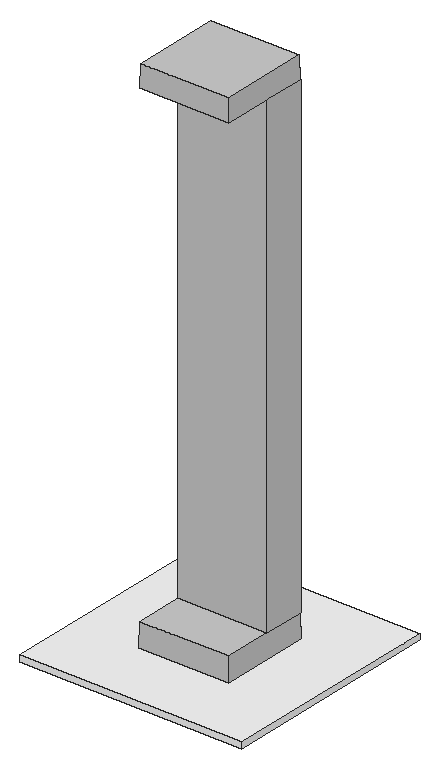
Revit family "BE_84238_de_DE", category Leuchten, Revit 2020
Family settings
  Basisbauteil = Fläche
  Bemaßung runder Anschluss = Durchmesser verwenden
  Teiletyp = Normal
  Beim Laden mit Abzugskörper schneiden = Ja
  Lichtquelle = Ja
  Gemeinsam genutzt = Nein
  Raumberechnungspunkt = Ja
Parameters (values of type "BEGA_84238_Silber_K4")
  built-in parameter 1150104 = 13.332 (stored number, unit not read)
  Wattage = 11.5 W
  Default Elevation = 0 mm
  built-in parameter 1150113 = 1 (stored number, unit not read)
  built-in parameter 1114218 = 1 (stored number, unit not read)
  Umgebungstemperatur = "25 °C"
  URL = "https://www.bega.com/de/produkt/84238"
  Typenkommentare = "© 2022 BEGA. Wir behalten uns das Recht vor, technische Änderungen ohne vorherige Ankündigung vorzunehmen."  # constant formula
  Type Image = 84238.png
  built-in parameter 1150134 = 12
  built-in parameter 1150109 = 1 (stored number, unit not read)
  Strom = ""
  built-in parameter 1150110 = 1 (stored number, unit not read)
  Spannung = 239.996 V
  Sonderanfertigung = no
  Seriennummer [instance] = "Hier können Sie die eindeutige Seriennummer für das Facility Management eintragen."
  Schutzklasse = "I"
  Schutzart = "IP 65"
  Scheinlast = 0 VA
  Produktdatenblatt = "https://cdn.bega.com/bega/products/84238AK3/current/documents/data-sheets/de"
  Oberflächentemperatur = ""
  Neigungswinkel = 0.00°
  Modell = "84238AK4"
  Material_17 = BEGA_Reflektor
  Material_15 = BEGA_Leuchtmedium_matt
  Material_11 = BEGA_Glas_opal
  Material_09 = BEGA_Glas_klar
  Material_06 = BEGA_Oberfläche_Edelstahl_gebürstet
  Material_03 = BEGA_Oberfläche_Weiss_matt
  Material_02 = BEGA_Oberfläche_Silber_matt
  Material_01 [instance] = BEGA_Oberfläche_Grafit_matt
  M_W = no
  M_G = no
  M_A = yes
  Logo = 0
  built-in parameter 1114217 = 1 (stored number, unit not read)
  built-in parameter 1150139 = (empty or 0)
  built-in parameter 1150105 = 131.32 (stored number, unit not read)
  built-in parameter 1150114 = 1 (stored number, unit not read)
  Lumens = 1650.25 lm
  built-in parameter 1150115 = 1 (stored number, unit not read)
  Leuchtenlichtstrom = "1650 lm"
  Leuchtenanzahl = ""
  Lebensdauerkriterien = "L70B50 @ 25 °C = 200000 h"
  Lastklassifizierung = Beleuchtung
  built-in parameter 1150112 = 1 (stored number, unit not read)
  Lampenlichtstrom = "2335 lm"
  Lampe = "LED 11.5 W"
  LED_Modulbezeichnung = "LED-0983/840"
  built-in parameter 1150142 = (empty or 0)
  Hersteller = "BEGA"  # constant formula
  Halbstreuwinkel = ""
  Gewicht = "5.85 kg"
  Gebrauchslageneinschränkung [instance] = ""
  Frequenz = "0/50-60 Hz"
  Farbwiedergabeindex = "CRI > 80"
  Farbtemperaturverschiebung bei Dämpfen der Lampe = <Keine Auswahl>
  Farbtemperatur = "4000 K"
  Color Filter = 16777215
  built-in parameter 1150133 = 10 (stored number, unit not read)
  Energieeffizienzklasse = "LED A++ - A"
  built-in parameter 1150137 = (empty or 0)
  built-in parameter 1150132 = (empty or 0)
  ENEC = "ja"
  Dimmbar [instance] = "DALI"
  Datei für fotometrisches Netz = "BE_84238K4.IES"
  CE_Konformität = "ja"
  Bestellnummer = "84238AK4"
  Beschreibung_Sonderanfertigung = "Hier können Sie Informationen zur Sonderanfertigung eintragen."
  Beschreibung = "Pollerleuchte"
  built-in parameter 1150106 = 1.3132 (stored number, unit not read)
  Befestigungsbohrung = ""
  Befestigungsabstand = ""
  Ballwurfsicher = ""
  BEGA_Intern_aus = yes
  BEGA_Intern_an = yes
  BEGA_Intern_Konstruktion = yes
  BEGA_Intern = yes
  BEGA_IES = yes
  BEGA_Dummy = no
  Anschlussleitung = ""
  Anschlussleistung [instance] = "13.8 W"
  Anschlusskasten = ""
  built-in parameter 1150107 = 4000 (stored number, unit not read)
  built-in parameter 1150102 = (empty or 0)
  built-in parameter 1150138 = (empty or 0)
  Aktualisierung = "2022-05-19T04:00:07"
  Abstand_zur_angestrahlten_Fläche [instance] = ""
  AC/DC = "AC/DC"
Types (4, lengths in mm): name | built-in parameter 1150104 | built-in parameter 1150134 | Modell | M_G | M_A | built-in parameter 1150105 | Lumens | Leuchtenlichtstrom | Lampenlichtstrom | LED_Modulbezeichnung | Farbtemperatur | Datei für fotometrisches Netz | Bestellnummer | built-in parameter 1150106 | built-in parameter 1150107
  BEGA_84238_Grafit_K4 | 13.332 (stored number, unit not read) | 12 | "84238K4" | yes | no | 131.32 (stored number, unit not read) | 1650.25 lm | "1650 lm" | "2335 lm" | "LED-0983/840" | "4000 K" | "BE_84238K4.IES" | "84238K4" | 1.3132 (stored number, unit not read) | 4000 (stored number, unit not read)
  BEGA_84238_Grafit_K3 | 12.96 (stored number, unit not read) | (empty or 0) | "84238K3" | yes | no | 127.66 (stored number, unit not read) | 1604.25 lm | "1604 lm" | "2270 lm" | "LED-0983/830" | "3000 K" | "BE_84238K3.IES" | "84238K3" | 1.2766 (stored number, unit not read) | 3000 (stored number, unit not read)
  BEGA_84238_Silber_K4 | 13.332 (stored number, unit not read) | 12 | "84238AK4" | no | yes | 131.32 (stored number, unit not read) | 1650.25 lm | "1650 lm" | "2335 lm" | "LED-0983/840" | "4000 K" | "BE_84238K4.IES" | "84238AK4" | 1.3132 (stored number, unit not read) | 4000 (stored number, unit not read)
  BEGA_84238_Silber_K3 | 12.96 (stored number, unit not read) | (empty or 0) | "84238AK3" | no | yes | 127.66 (stored number, unit not read) | 1604.25 lm | "1604 lm" | "2270 lm" | "LED-0983/830" | "3000 K" | "BE_84238K3.IES" | "84238AK3" | 1.2766 (stored number, unit not read) | 3000 (stored number, unit not read)
Reference planes
  plane 1 "Mitte (Vorne/Hinten)": y = 0
  plane 2: z = 0
  plane 3 "Mitte (Links/Rechts)": x = 0
  plane 4 "Links": x = -80.733
  plane 5 "Rechts": x = 80.733
  plane 6 "Unten": y = -80.733
  plane 7 "Oben": y = 80.733
  plane 8 "Vorne": z = 945
  plane 9 "Hinten": z = 0
Forms (mm)
  Extrusion 1, solid, material "BEGA_Platte_Weiss"
    sketch origin (0, -1119.2, 0) x (1, 0, 0) y (0, 1, 0)
      loop
        line (-200, 1319.2) -> (-200, 919.2) -> (200, 919.2) -> (200, 1319.2) -> (-200, 1319.2)
    from 0 to -10
  Extrusion 2, solid, material "BEGA_Dummy_matt", visible <- "BEGA_Dummy"
    sketch origin (80.095, -76.023, 0) x (1, 0, 0) y (0, 1, 0)
      loop
        line (-160.828, 156.756) -> (-160.828, -4.799) -> (0.638, -4.799) -> (0.638, 156.756) -> (-160.828, 156.756)
    from 0 to 945
Dimensions and locks
  plane 1 "Mitte (Vorne/Hinten)" to Extrusion 1 = 200 mm
  aligned and locked: plane 2 to Extrusion 1
  aligned and locked: level to Extrusion 1
Nested families
  nested 1: "BE_84238" at (0, 0, 0) x (0, 1, 0) z (0, 0, 1), type "BE_84238"
Connectors
  electrical at (0, 0, 0), driven by "Lastklassifizierung", driven by "Spannung", driven by "Scheinlast"
    settings: index 1, voltage 239.996 V, apparent load 0 VA, apparent load phase1 0 VA, apparent load phase2 0 VA, apparent load phase3 0 VA, power factor 1, load classification "Beleuchtung", number of poles 1, system type 31, power factor state 1, is connector primary yes, connector utility no, sub classification motor no, connector description ""
Definition of nested family "BE_84238"
  Parameters (values of type "BE_84238")
    Default Elevation = 1 mm
    URL = "http://www.bega.de/de/produkt"
    Type Comments = "© 2015 BEGA. Wir behalten uns das Recht vor, technische Änderungen ohne vorherige Ankündigung vorzunehmen. "  # constant formula
    Type Image = (empty or 0)
    Neigungswinkel_um_Z2 = 0.00°
    Neigungswinkel_um_Z1 = 0.00°
    Neigungswinkel_um_Y2 = 0.00°
    Neigungswinkel_um_Y1 = 0.00°
    Neigungswinkel_um_X2 = 0.00°
    Neigungswinkel_um_X1 = 0.00°
    Material_17 = none
    Material_15 = none
    Material_11 = none
    Material_09 = none
    Material_06 = none
    Material_02 = none
    Material_01 = none
    M_W = yes
    M_G = yes
    M_A = yes
    Länge_Platte = 200 mm  # constant formula
    Höhe_Platte = -10 mm  # constant formula
    Manufacturer = "BEGA"  # constant formula
    Drehwinkel_um_Z2 = 0.00°
    Drehwinkel_um_Z1 = 0.00°
    Breite_Platte = 200 mm  # constant formula
  Reference planes
    plane 1 "Mitte (Oben/Unten)": y = 0
    plane 2: z = 0
    plane 3 "Mitte (Links/Rechts)": x = 0
    plane 4: y = 80.733
    plane 5: x = -80.733
    plane 6: x = 80.733
    plane 7: y = -80.733
    plane 8: z = 945
    plane 9: z = 2
  Forms (mm)
    Extrusion 1, solid, detail levels medium
      sketch origin (0, 0, 0) x (1, 0, 0) y (0, 1, 0)
        loop
          line (-100, 100) -> (-100, -100) -> (100, -100) -> (100, 100) -> (-100, 100)
      from 0 to -10 <- "Höhe_Platte"
    Sweep 2, solid, material <- "Material_01", visible <- "M_G"
      path origin (0, 0, 0) x (1, 0, 0) y (0, 1, 0)
        loop
          line (-80.733, 80.733) -> (-80.733, -80.733) -> (80.733, -80.733) -> (80.733, 80.733) -> (-80.733, 80.733)
      profile origin (0, 80.733, 0) x (0, 1, 0) y (0, 0, 1)
        loop
          line (0, 2) -> (-0.733, 44) -> (-39.189, 44) -> (-39.189, 40.5) -> (-9.961, 40.5) -> (-9.346, 5.213) -> (-3.251, 5.001) -> (-3.146, 2) -> (0, 2)
    Extrusion 3, solid, material <- "Material_01", visible <- "M_G"
      sketch origin (0, 0, 0) x (1, 0, 0) y (0, 1, 0)
        loop
          line (-41.544, 41.544) -> (-41.544, -41.544) -> (41.544, -41.544) -> (41.544, 41.544) -> (-41.544, 41.544)
      from 40.5 to 44
    Sweep 4, solid, material <- "Material_01", visible <- "M_G"
      path origin (0, 0, 0) x (1, 0, 0) y (0, 1, 0)
        loop
          line (-80, 80) -> (-80, -80) -> (80, -80) -> (80, 80) -> (-80, 80)
      profile origin (0, 80, 0) x (0, 1, 0) y (0, 0, 1)
        loop
          line (-4, 5.052) -> (-19.75, 5.602) -> (-19.75, 38.25) -> (-23.714, 38.25) -> (-25.417, 5.75) -> (-58.404, 5.75) -> (-58.605, 0) -> (-4, 0) -> (-4, 5.052)
    Extrusion 5, void
      sketch origin (0, 0, 0) x (1, 0, 0) y (0, 1, 0)
        loop
          circle (0, 50) r 4.5
        loop
          circle (43.208, -25.162) r 4.5
        loop
          circle (-43.208, -25.162) r 4.5
      from 0 to 18.016
    Extrusion 6, solid, material <- "Material_01", visible <- "M_G"
      sketch origin (0, 0, 0) x (1, 0, 0) y (0, 1, 0)
        loop
          line (80.733, 80.733) -> (6, 80.733) -> (6, -80.733) -> (80.733, -80.733) -> (80.733, 80.733)
        loop
          line (7.448, 78.552) -> (7.448, -78.552) -> (78.552, -78.552) -> (78.552, 78.552) -> (7.448, 78.552)
      from 44 to 905
    Sweep 7, solid, material <- "Material_01", visible <- "M_G"
      path origin (0, 0, 0) x (1, 0, 0) y (0, 1, 0)
        loop
          line (80.733, 80.733) -> (-80.733, 80.733) -> (-80.733, -80.733) -> (80.733, -80.733) -> (80.733, 80.733)
      profile origin (0, 80.733, 0) x (0, -1, 0) y (0, 0, 1)
        loop
          line (1.431, 945) -> (0.733, 905) -> (4.102, 905) -> (4.739, 941.5) -> (26.109, 941.5) -> (26.109, 945) -> (1.431, 945)
    Extrusion 8, solid, material <- "Material_09"
      sketch origin (0, 0, 449.5) x (1, 0, 0) y (0, 0, 1)
        loop
          line (10, 462.51) -> (-70.833, 462.51) -> (-70.833, 458.5) -> (10, 458.5) -> (10, 462.51)
      from -70.771 to 71.075
    Extrusion 9, solid, material <- "Material_17"
      sketch origin (0, 0, 449.5) x (1, 0, 0) y (0, 0, 1)
        loop
          line (-59, 463.541) -> (-15.562, 485.674) -> (9.866, 485.674) -> (2.245, 464.733) -> (4.395, 464.733) -> (12.754, 487.7) -> (-15.674, 487.7) -> (-59.629, 465.304) -> (-70.5, 465.304) -> (-70.5, 463.541) -> (-59, 463.541)
      from -70.771 to 71.075
    Sweep 10, solid, material <- "Material_02", visible <- "M_A"
      path origin (0, 0, 0) x (1, 0, 0) y (0, 1, 0)
        loop
          line (-80, 80) -> (-80, -80) -> (80, -80) -> (80, 80) -> (-80, 80)
      profile origin (0, 80, 0) x (0, 1, 0) y (0, 0, 1)
        loop
          line (-4, 5.052) -> (-19.75, 5.602) -> (-19.75, 38.25) -> (-23.714, 38.25) -> (-25.417, 5.75) -> (-58.404, 5.75) -> (-58.605, 0) -> (-4, 0) -> (-4, 5.052)
    Sweep 11, solid, material <- "Material_02", visible <- "M_A"
      path origin (0, 0, 0) x (1, 0, 0) y (0, 1, 0)
        loop
          line (-80.733, 80.733) -> (-80.733, -80.733) -> (80.733, -80.733) -> (80.733, 80.733) -> (-80.733, 80.733)
      profile origin (0, 80.733, 0) x (0, 1, 0) y (0, 0, 1)
        loop
          line (0, 2) -> (-0.733, 44) -> (-39.189, 44) -> (-39.189, 40.5) -> (-9.961, 40.5) -> (-9.346, 5.213) -> (-3.251, 5.001) -> (-3.146, 2) -> (0, 2)
    Extrusion 12, solid, material <- "Material_02", visible <- "M_A"
      sketch origin (0, 0, 0) x (1, 0, 0) y (0, 1, 0)
        loop
          line (-41.544, 41.544) -> (-41.544, -41.544) -> (41.544, -41.544) -> (41.544, 41.544) -> (-41.544, 41.544)
      from 40.5 to 44
    Extrusion 13, solid, material <- "Material_02", visible <- "M_A"
      sketch origin (0, 0, 0) x (1, 0, 0) y (0, 1, 0)
        loop
          line (80.733, 80.733) -> (6, 80.733) -> (6, -80.733) -> (80.733, -80.733) -> (80.733, 80.733)
        loop
          line (7.448, 78.552) -> (7.448, -78.552) -> (78.552, -78.552) -> (78.552, 78.552) -> (7.448, 78.552)
      from 44 to 905
    Sweep 14, solid, material <- "Material_02", visible <- "M_A"
      path origin (0, 0, 0) x (1, 0, 0) y (0, 1, 0)
        loop
          line (80.733, 80.733) -> (-80.733, 80.733) -> (-80.733, -80.733) -> (80.733, -80.733) -> (80.733, 80.733)
      profile origin (0, 80.733, 0) x (0, -1, 0) y (0, 0, 1)
        loop
          line (1.431, 945) -> (0.733, 905) -> (4.102, 905) -> (4.739, 941.5) -> (26.109, 941.5) -> (26.109, 945) -> (1.431, 945)
    Extrusion 15, solid, material <- "Material_01", visible <- "M_G"
      sketch origin (0, 0, 0) x (1, 0, 0) y (0, 1, 0)
        loop
          line (-54.583, 54.583) -> (-54.583, -54.624) -> (54.624, -54.624) -> (54.624, 54.583) -> (-54.583, 54.583)
      from 941.5 to 945
    Extrusion 16, solid, material <- "Material_02", visible <- "M_A"
      sketch origin (0, 0, 0) x (1, 0, 0) y (0, 1, 0)
        loop
          line (-54.583, 54.583) -> (-54.583, -54.624) -> (54.624, -54.624) -> (54.624, 54.583) -> (-54.583, 54.583)
      from 941.5 to 945
    Extrusion 17, solid, material <- "Material_01", visible <- "M_G"
      sketch origin (0, 0, 0) x (1, 0, 0) y (0, 1, 0)
        loop
          line (-76.631, 75.994) -> (-76.631, -75.994) -> (75.994, -75.994) -> (75.994, 75.994) -> (-76.631, 75.994)
        loop
          line (-70.733, 65.733) -> (-70.733, -65.733) -> (-0.679, -65.733) -> (-0.679, 65.733) -> (-70.733, 65.733)
      from 905 to 908
    Extrusion 18, solid, material <- "Material_02", visible <- "M_A"
      sketch origin (0, 0, 0) x (1, 0, 0) y (0, 1, 0)
        loop
          line (-76.631, 75.994) -> (-76.631, -75.994) -> (75.994, -75.994) -> (75.994, 75.994) -> (-76.631, 75.994)
        loop
          line (-70.733, 65.733) -> (-70.733, -65.733) -> (-0.679, -65.733) -> (-0.679, 65.733) -> (-70.733, 65.733)
      from 905 to 908
    Extrusion 19, void
      sketch origin (0, 0, 0) x (1, 0, 0) y (0, 1, 0)
        loop
          line (-12.96, -62.427) -> (5.497, -62.492) -> (5.931, 61.227) -> (-12.526, 61.292) -> (-12.96, -62.427)
      from 929.625 to 937.2
    Extrusion 20, solid, material <- "Material_15"
      sketch origin (0, 0, 0) x (1, 0, 0) y (0, 1, 0)
        loop
          line (-12.526, 61.292) -> (-12.526, -62.427) -> (6, -62.427) -> (6, 61.292) -> (-12.526, 61.292)
      from 937.2 to 941.5
  Cuts and joins
    Extrusion 5, Extrusion 19 cuts Sweep 4
    Extrusion 5, Extrusion 19 cuts Sweep 10
    Extrusion 5, Extrusion 19 cuts Sweep 2
    Extrusion 5, Extrusion 19 cuts Extrusion 3
    joined: Sweep 2, Extrusion 3
    Extrusion 19 cuts Sweep 11
    Extrusion 19 cuts Extrusion 12
    joined: Sweep 11, Extrusion 12
    joined: Sweep 7, Extrusion 15
    joined: Sweep 14, Extrusion 16
    Extrusion 19 cuts Extrusion 6
    Extrusion 19 cuts Extrusion 13
    Extrusion 19 cuts Extrusion 9
  Dimensions and locks
    equal spacing: Extrusion 1 sketch curve, plane 3 "Mitte (Links/Rechts)", Extrusion 1 sketch curve
    equal spacing: Extrusion 1 sketch curve, plane 1 "Mitte (Oben/Unten)", Extrusion 1 sketch curve
    "Länge_Platte": Extrusion 1 sketch curve to Extrusion 1 sketch curve
    "Breite_Platte": Extrusion 1 sketch curve to Extrusion 1 sketch curve
    aligned and locked: plane 2 to Extrusion 1
    aligned and locked: level to Extrusion 1
  Automatic sketch dimensions
    Sweep 2 sketch curve to plane 1 "Mitte (Oben/Unten)" = 80.733 mm
    plane 3 "Mitte (Links/Rechts)" to Sweep 2 sketch curve = 80.733 mm
    plane 1 "Mitte (Oben/Unten)" to Sweep 2 sketch curve = 80.733 mm
    Sweep 2 sketch curve to plane 3 "Mitte (Links/Rechts)" = 80.733 mm
    profile plane to Sweep 2 sketch curve = 3.251 mm
    Sweep 2 sketch curve to Sweep 2 sketch curve = 0.105 mm
    profile plane to Sweep 2 sketch curve = 0.733 mm
    Sweep 2 sketch curve to profile plane = 0 mm
    level to Sweep 2 sketch curve = 2 mm
    Sweep 2 sketch curve to Sweep 2 sketch curve = 3.001 mm
    level to Sweep 2 sketch curve = 5.213 mm
    Sweep 2 sketch curve to Sweep 2 sketch curve = 0.616 mm
    Sweep 2 sketch curve to Sweep 2 sketch curve = 35.287 mm
    Sweep 2 sketch curve to Sweep 2 sketch curve = 3.5 mm
    Sweep 2 sketch curve to Sweep 2 sketch curve = 9.228 mm
    Sweep 2 sketch curve to Sweep 2 sketch curve = 29.227 mm
    Extrusion 3 sketch curve to plane 3 "Mitte (Links/Rechts)" = 41.544 mm
    plane 3 "Mitte (Links/Rechts)" to Extrusion 3 sketch curve = 41.544 mm
    plane 1 "Mitte (Oben/Unten)" to Extrusion 3 sketch curve = 41.544 mm
    Extrusion 3 sketch curve to plane 1 "Mitte (Oben/Unten)" = 41.544 mm
    Sweep 4 sketch curve to plane 3 "Mitte (Links/Rechts)" = 80 mm
    Sweep 4 sketch curve to plane 1 "Mitte (Oben/Unten)" = 80 mm
    plane 3 "Mitte (Links/Rechts)" to Sweep 4 sketch curve = 80 mm
    plane 1 "Mitte (Oben/Unten)" to Sweep 4 sketch curve = 80 mm
    level to Sweep 4 sketch curve = 0 mm
    Sweep 4 sketch curve to Sweep 4 sketch curve = 0.201 mm
    profile plane to Sweep 4 sketch curve = 23.714 mm
    Sweep 4 sketch curve to Sweep 4 sketch curve = 5.667 mm
    profile plane to Sweep 4 sketch curve = 4 mm
    Sweep 4 sketch curve to Sweep 4 sketch curve = 5.052 mm
    Sweep 4 sketch curve to Sweep 4 sketch curve = 0.55 mm
    Sweep 4 sketch curve to Sweep 4 sketch curve = 0.148 mm
    Sweep 4 sketch curve to Sweep 4 sketch curve = 32.648 mm
    Sweep 4 sketch curve to Sweep 4 sketch curve = 32.987 mm
    profile plane to Sweep 4 sketch curve = 19.75 mm
    Extrusion 5 sketch curve to plane 3 "Mitte (Links/Rechts)" = 0 mm
    Extrusion 5 sketch curve to plane 3 "Mitte (Links/Rechts)" = 43.208 mm
    plane 3 "Mitte (Links/Rechts)" to Extrusion 5 sketch curve = 43.208 mm
    plane 1 "Mitte (Oben/Unten)" to Extrusion 5 sketch curve = 25.162 mm  (x2)
    Extrusion 5 sketch curve to plane 1 "Mitte (Oben/Unten)" = 50 mm
    plane 3 "Mitte (Links/Rechts)" to Extrusion 6 sketch curve = 80.733 mm
    Extrusion 6 sketch curve to plane 1 "Mitte (Oben/Unten)" = 80.733 mm
    plane 3 "Mitte (Links/Rechts)" to Extrusion 6 sketch curve = 6 mm
    plane 1 "Mitte (Oben/Unten)" to Extrusion 6 sketch curve = 80.733 mm
    Extrusion 6 sketch curve to Extrusion 6 sketch curve = 1.448 mm
    Extrusion 6 sketch curve to Extrusion 6 sketch curve = 2.181 mm  (x3)
    Sweep 7 sketch curve to plane 3 "Mitte (Links/Rechts)" = 80.733 mm
    Sweep 7 sketch curve to plane 1 "Mitte (Oben/Unten)" = 80.733 mm
    plane 3 "Mitte (Links/Rechts)" to Sweep 7 sketch curve = 80.733 mm
    plane 1 "Mitte (Oben/Unten)" to Sweep 7 sketch curve = 80.733 mm
    Sweep 7 sketch curve to profile plane = 0.733 mm
    level to Sweep 7 sketch curve = 905 mm
    Sweep 7 sketch curve to profile plane = 1.431 mm
    Sweep 7 sketch curve to Sweep 7 sketch curve = 3.369 mm
    Sweep 7 sketch curve to Sweep 7 sketch curve = 3.308 mm
    Sweep 7 sketch curve to Sweep 7 sketch curve = 21.37 mm
    Sweep 7 sketch curve to Sweep 7 sketch curve = 36.5 mm
    Sweep 7 sketch curve to Sweep 7 sketch curve = 3.5 mm
    Extrusion 8 sketch curve to plane 3 "Mitte (Links/Rechts)" = 70.833 mm
    plane 3 "Mitte (Links/Rechts)" to Extrusion 8 sketch curve = 10 mm
    Extrusion 8 sketch curve to Extrusion 8 sketch curve = 4.01 mm
    Extrusion 9 sketch curve to plane 3 "Mitte (Links/Rechts)" = 59.629 mm
    Extrusion 9 sketch curve to Extrusion 9 sketch curve = 0.629 mm
    Extrusion 9 sketch curve to plane 3 "Mitte (Links/Rechts)" = 15.674 mm
    Extrusion 9 sketch curve to Extrusion 9 sketch curve = 0.112 mm
    plane 3 "Mitte (Links/Rechts)" to Extrusion 9 sketch curve = 2.245 mm
    Extrusion 9 sketch curve to Extrusion 9 sketch curve = 2.15 mm
    plane 3 "Mitte (Links/Rechts)" to Extrusion 9 sketch curve = 9.866 mm
    Extrusion 9 sketch curve to Extrusion 9 sketch curve = 2.888 mm
    Extrusion 9 sketch curve to Extrusion 9 sketch curve = 1.192 mm
    Extrusion 9 sketch curve to Extrusion 9 sketch curve = 1.763 mm
    Extrusion 9 sketch curve to Extrusion 9 sketch curve = 20.941 mm
    Extrusion 9 sketch curve to Extrusion 9 sketch curve = 2.026 mm
    Extrusion 9 sketch curve to Extrusion 9 sketch curve = 10.871 mm
    level to Extrusion 8 sketch curve = 908 mm
    level to Extrusion 9 sketch curve = 913.041 mm
    plane 5 to Sweep 10 sketch curve = 0.733 mm
    Sweep 10 sketch curve to plane 6 = 0.733 mm
    plane 7 to Sweep 10 sketch curve = 0.733 mm
    Sweep 10 sketch curve to plane 4 = 0.733 mm
    Sweep 10 sketch curve to level = 0 mm
    profile plane to Sweep 10 sketch curve = 58.605 mm
    level to Sweep 10 sketch curve = 5.75 mm
    Sweep 10 sketch curve to Sweep 10 sketch curve = 0.201 mm
    profile plane to Sweep 10 sketch curve = 25.417 mm
    profile plane to Sweep 10 sketch curve = 23.714 mm
    Sweep 10 sketch curve to Sweep 10 sketch curve = 3.964 mm
    profile plane to Sweep 10 sketch curve = 4 mm
    level to Sweep 10 sketch curve = 5.052 mm
    level to Sweep 10 sketch curve = 5.602 mm
    Sweep 10 sketch curve to Sweep 10 sketch curve = 32.648 mm
    plane 5 to Sweep 11 sketch curve = 0 mm
    Sweep 11 sketch curve to plane 6 = 0 mm
    plane 7 to Sweep 11 sketch curve = 0 mm
    Sweep 11 sketch curve to plane 4 = 0 mm
    profile plane to Sweep 11 sketch curve = 39.189 mm
    profile plane to Sweep 11 sketch curve = 9.961 mm
    profile plane to Sweep 11 sketch curve = 9.346 mm
    profile plane to Sweep 11 sketch curve = 3.251 mm
    Sweep 11 sketch curve to Sweep 11 sketch curve = 0.105 mm
    profile plane to Sweep 11 sketch curve = 0.733 mm
    Sweep 11 sketch curve to profile plane = 0 mm
    level to Sweep 11 sketch curve = 2 mm
    Sweep 11 sketch curve to Sweep 11 sketch curve = 3.001 mm
    level to Sweep 11 sketch curve = 5.213 mm
    level to Sweep 11 sketch curve = 40.5 mm
    Sweep 11 sketch curve to Sweep 11 sketch curve = 3.5 mm
    plane 5 to Extrusion 12 sketch curve = 39.189 mm
    Extrusion 12 sketch curve to plane 6 = 39.189 mm
    plane 7 to Extrusion 12 sketch curve = 39.189 mm
    Extrusion 12 sketch curve to plane 4 = 39.189 mm
    Extrusion 13 sketch curve to plane 4 = 0 mm
    Extrusion 13 sketch curve to plane 7 = 0 mm
    Extrusion 13 sketch curve to plane 6 = 0 mm
    Extrusion 13 sketch curve to plane 6 = 2.181 mm
    plane 7 to Extrusion 13 sketch curve = 2.181 mm
    plane 3 "Mitte (Links/Rechts)" to Extrusion 13 sketch curve = 7.448 mm
    Extrusion 13 sketch curve to Extrusion 13 sketch curve = 1.448 mm
    Extrusion 13 sketch curve to plane 4 = 2.181 mm
    Sweep 14 sketch curve to plane 4 = 0 mm
    Sweep 14 sketch curve to plane 5 = 0 mm
    Sweep 14 sketch curve to plane 6 = 0 mm
    Sweep 14 sketch curve to plane 7 = 0 mm
    Sweep 14 sketch curve to profile plane = 0.733 mm
    Sweep 14 sketch curve to profile plane = 1.431 mm
    Sweep 14 sketch curve to Sweep 14 sketch curve = 3.369 mm
    Sweep 14 sketch curve to profile plane = 4.739 mm
    Sweep 14 sketch curve to Sweep 14 sketch curve = 21.37 mm
    level to Sweep 14 sketch curve = 905 mm
    Sweep 14 sketch curve to Sweep 14 sketch curve = 36.5 mm
    Sweep 14 sketch curve to Sweep 14 sketch curve = 3.5 mm
    plane 5 to Extrusion 15 sketch curve = 26.15 mm
    Extrusion 15 sketch curve to plane 6 = 26.109 mm
    plane 7 to Extrusion 15 sketch curve = 26.109 mm
    Extrusion 15 sketch curve to plane 4 = 26.15 mm
    plane 5 to Extrusion 16 sketch curve = 26.15 mm
    Extrusion 16 sketch curve to plane 6 = 26.109 mm
    plane 7 to Extrusion 16 sketch curve = 26.109 mm
    Extrusion 16 sketch curve to plane 4 = 26.15 mm
    plane 5 to Extrusion 17 sketch curve = 4.102 mm
    Extrusion 17 sketch curve to plane 4 = 4.739 mm
    Extrusion 17 sketch curve to plane 6 = 4.739 mm
    plane 7 to Extrusion 17 sketch curve = 4.739 mm
    plane 5 to Extrusion 17 sketch curve = 10 mm
    Extrusion 17 sketch curve to plane 3 "Mitte (Links/Rechts)" = 0.679 mm
    plane 7 to Extrusion 17 sketch curve = 15 mm
    Extrusion 17 sketch curve to plane 4 = 15 mm
    plane 5 to Extrusion 18 sketch curve = 4.102 mm
    plane 5 to Extrusion 18 sketch curve = 10 mm
    Extrusion 18 sketch curve to plane 3 "Mitte (Links/Rechts)" = 0.679 mm
    Extrusion 18 sketch curve to plane 6 = 4.739 mm
    plane 7 to Extrusion 18 sketch curve = 4.739 mm
    plane 7 to Extrusion 18 sketch curve = 15 mm
    Extrusion 18 sketch curve to plane 4 = 15 mm
    Extrusion 18 sketch curve to plane 4 = 4.739 mm
    Extrusion 19 sketch curve to plane 3 "Mitte (Links/Rechts)" = 12.96 mm
    Extrusion 19 sketch curve to plane 3 "Mitte (Links/Rechts)" = 12.526 mm
    plane 3 "Mitte (Links/Rechts)" to Extrusion 19 sketch curve = 5.497 mm
    plane 7 to Extrusion 19 sketch curve = 18.241 mm
    Extrusion 19 sketch curve to Extrusion 19 sketch curve = 0.065 mm
    plane 5 to Extrusion 20 sketch curve = 68.207 mm
    Extrusion 20 sketch curve to plane 6 = 74.733 mm
    plane 1 "Mitte (Oben/Unten)" to Extrusion 20 sketch curve = 62.427 mm
    Extrusion 20 sketch curve to plane 1 "Mitte (Oben/Unten)" = 61.292 mm
    radius of Extrusion 5 sketch curve = 4.5 mm  (x3)
